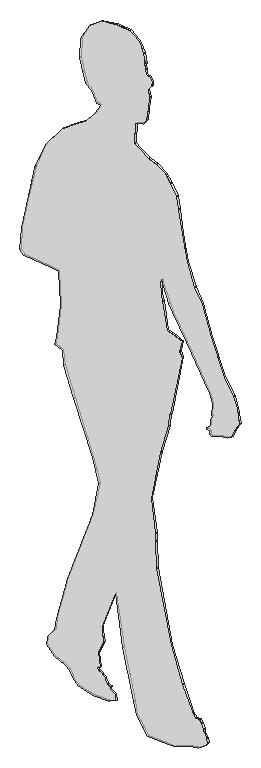
Revit family "Flat Man 20", category Entourage, Revit 2015
Parameters
  Flat Material [instance] = none
  Height = 0 mm
Reference planes
  plane 1 "Center (Front/Back)": y = 0
  plane 2: z = 0
  plane 3 "Center (Left/Right)": x = 0
Forms (mm)
  Extrusion 1, solid, material <- "Flat Material"
    sketch origin (0, 0, 0) x (1, 0, 0) y (0, 0, 1)
      loop
        line (229.298, 824.442) -> (226.702, 794.142) -> (229.522, 795.214) -> (224.215, 781.219) -> (225.073, 771.299) -> (215.426, 763.079) -> (214.86, 756.844) -> (223.933, 755.709) -> (223.367, 748.055) -> (227.08, 745.871) -> (246.425, 751.692) -> (269.302, 755.142) -> (281.211, 761.946) -> (289.157, 782.352) -> (301.4, 800.558) -> (295.008, 835.546) -> (285.696, 859.266) -> (261.319, 896.532) -> (226.725, 977.009) -> (204.157, 1047.909) -> (184.006, 1079.329) -> (164.661, 1132.5) -> (151.889, 1193.289) -> (142.287, 1247.709) -> (136.535, 1276.489) -> (120.927, 1301.708) -> (106.7, 1318.97) -> (84.868, 1332.668) -> (64.048, 1340.79) -> (41.201, 1351.959) -> (27.532, 1361.7) -> (29.91, 1410.86) -> (49.269, 1414.179) -> (58.117, 1426.889) -> (61.982, 1455.08) -> (66.113, 1483.549) -> (63.016, 1500.389) -> (71.594, 1510.519) -> (73.304, 1520.76) -> (67.494, 1530.319) -> (57.259, 1534.069) -> (56.335, 1546.598) -> (52.403, 1563.549) -> (55.958, 1558.329) -> (50.535, 1580.439) -> (40.932, 1600.889) -> (28.834, 1612.57) -> (14.221, 1621.328) -> (-20.428, 1622.999) -> (-58.833, 1618.83) -> (-92.229, 1596.298) -> (-114.773, 1558.748) -> (-116.44, 1513.68) -> (-108.507, 1484.058) -> (-101.419, 1456.52) -> (-86.806, 1445.669) -> (-76.368, 1425.64) -> (-71.78, 1421.888) -> (-63.326, 1420.279) -> (-74.5, 1397.949) -> (-99.237, 1372.419) -> (-126.361, 1354.078) -> (-163.074, 1330.149) -> (-207.019, 1277.498) -> (-233.888, 1213.928) -> (-250.907, 1142.309) -> (-269.713, 1061.739) -> (-273.29, 1007.13) -> (-263.441, 998.169) -> (-189.099, 992.8) -> (-172.793, 992.8) -> (-167.662, 915.18) -> (-177.919, 835.546) -> (-182.419, 817.12) -> (-162.441, 810.965) -> (-158.9, 776.741) -> (-132.924, 708.292) -> (-83.578, 587.601) -> (-66.792, 532.984) -> (-84.48, 453.054) -> (-102.473, 405.617) -> (-149.939, 280.478) -> (-178.572, 175.787) -> (-181.843, 150.433) -> (-201.408, 127.218) -> (-204.061, 106.024) -> (-182.854, 86.153) -> (-154.365, 74.892) -> (-145.422, 68.932) -> (-131.654, 46.843) -> (-119.622, 38.538) -> (-105.301, 33.098) -> (-77.522, 30.521) -> (-40.279, 31.954) -> (-22.519, 38.252) -> (-23.951, 53.427) -> (-31.403, 57.436) -> (-37.038, 59.998) -> (-36.239, 67.503) -> (-43.035, 70.454) -> (-50.187, 79.836) -> (-49.68, 83.185) -> (-62.563, 93.75) -> (-66.429, 94.522) -> (-70.878, 100.834) -> (-63.318, 103.037) -> (-68.88, 134.504) -> (-53.635, 163.649) -> (-58.281, 191.467) -> (-58.281, 200.758) -> (-49.665, 222.599) -> (-23.399, 288.9) -> (-4.782, 170.374) -> (24.479, 53.36) -> (31.442, 23.691) -> (48.034, 0) -> (59.258, -16.022) -> (78.421, -16.022) -> (92.545, -16.022) -> (129.636, -16.022) -> (164.122, -3.765) -> (192.854, 3.738) -> (210.47, 13.527) -> (217.985, 23.97) -> (216.022, 33.758) -> (210.977, 42.919) -> (208.338, 43.634) -> (207.722, 51.586) -> (202.559, 64.028) -> (197.603, 71.455) -> (190.447, 72.83) -> (187.148, 70.217) -> (182.596, 76.7) -> (178.044, 83.183) -> (153.155, 138.929) -> (123.094, 219.042) -> (84.191, 386.419) -> (82.674, 449.389) -> (81.372, 466.917) -> (70.076, 544.426) -> (95.221, 660.913) -> (115.643, 731.205) -> (118.216, 758.091) -> (121.021, 759.659) -> (150.929, 904.982) -> (144.752, 916.958) -> (150.807, 941.307) -> (142.708, 944.511) -> (132.334, 948.618) -> (112.007, 953.806) -> (100.361, 1016.39) -> (97.018, 1033.356) -> (94.786, 1063.028) -> (97.286, 1068.659) -> (99.607, 1059.818) -> (115.723, 1017.359) -> (125.056, 999.84) -> (161.231, 941.877) -> (222.303, 844.013) -> (229.298, 824.442)
    from -2.5 to 2.5
Lines and regions (mm)
  model lines
    curve 1: line (-150, 0, 0) -> (150, 0, 0)
    curve 2: line (0, -150, 0) -> (0, 150, 0)
Dimensions and locks
  aligned and locked: level to plane 2
